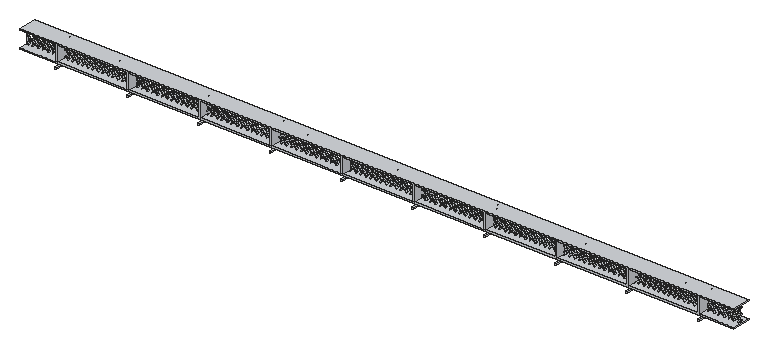
Revit family "Nedsale_venti panlat_zonder kam_Generic Model_2015", category Generic Models, Revit 2015
Parameters
  kamlengte [instance] = 50 mm
  kam [instance] = yes
  gootlengte = 1000 mm
  URL = "www.w3d-tekenbureau.nl"
  Manufacturer = "Nedsale BV"
  Description = "Venti-panlat"
  Default Elevation = 0 mm
Reference planes
  plane 1 "Center (Front/Back)": y = 0
  plane 2: z = 0
  plane 3 "Center (Left/Right)": x = 0
  plane 4: y = -11.711
  plane 5: y = -13.711
Forms (mm)
  Extrusion 1, solid
    sketch origin (0, 0, 0) x (1, 0, 0) y (0, 0, 1)
      loop
        line (0, 7) -> (1000, 7) -> (1000, 32) -> (0, 32) -> (0, 7)
    from 11.711 to 13.711
  Extrusion 2, void
    sketch origin (-5.774, 0, 0) x (1, 0, 0) y (0, 0, 1)
      loop
        line (13.002, 31) -> (9.002, 31) -> (7.002, 27.536) -> (9.002, 24.072) -> (13.002, 24.072) -> (15.002, 27.536) -> (13.002, 31)
      loop
        line (13.002, 22.964) -> (9.002, 22.964) -> (7.002, 19.5) -> (9.002, 16.036) -> (13.002, 16.036) -> (15.002, 19.5) -> (13.002, 22.964)
      loop
        line (13.002, 14.928) -> (9.002, 14.928) -> (7.002, 11.464) -> (9.002, 8) -> (13.002, 8) -> (15.002, 11.464) -> (13.002, 14.928)
      loop
        line (19.961, 26.982) -> (15.961, 26.982) -> (13.961, 23.518) -> (15.961, 20.054) -> (19.961, 20.054) -> (21.961, 23.518) -> (19.961, 26.982)
      loop
        line (19.961, 18.946) -> (15.961, 18.946) -> (13.961, 15.482) -> (15.961, 12.018) -> (19.961, 12.018) -> (21.961, 15.482) -> (19.961, 18.946)
      loop
        line (19.961, 10.91) -> (15.961, 10.91) -> (14.281, 8) -> (21.641, 8) -> (19.961, 10.91)
      loop
        line (21.641, 31) -> (14.281, 31) -> (15.961, 28.09) -> (19.961, 28.09) -> (21.641, 31)
    from -34.103 to 250
  Extrusion 3, void
    sketch origin (8.144, 0, 0) x (1, 0, 0) y (0, 0, 1)
      loop
        line (13.002, 31) -> (9.002, 31) -> (7.002, 27.536) -> (9.002, 24.072) -> (13.002, 24.072) -> (15.002, 27.536) -> (13.002, 31)
      loop
        line (13.002, 22.964) -> (9.002, 22.964) -> (7.002, 19.5) -> (9.002, 16.036) -> (13.002, 16.036) -> (15.002, 19.5) -> (13.002, 22.964)
      loop
        line (13.002, 14.928) -> (9.002, 14.928) -> (7.002, 11.464) -> (9.002, 8) -> (13.002, 8) -> (15.002, 11.464) -> (13.002, 14.928)
      loop
        line (19.961, 26.982) -> (15.961, 26.982) -> (13.961, 23.518) -> (15.961, 20.054) -> (19.961, 20.054) -> (21.961, 23.518) -> (19.961, 26.982)
      loop
        line (19.961, 18.946) -> (15.961, 18.946) -> (13.961, 15.482) -> (15.961, 12.018) -> (19.961, 12.018) -> (21.961, 15.482) -> (19.961, 18.946)
      loop
        line (19.961, 10.91) -> (15.961, 10.91) -> (14.281, 8) -> (21.641, 8) -> (19.961, 10.91)
      loop
        line (21.641, 31) -> (14.281, 31) -> (15.961, 28.09) -> (19.961, 28.09) -> (21.641, 31)
    from -34.103 to 250
  Extrusion 4, void
    sketch origin (22.063, 0, 0) x (1, 0, 0) y (0, 0, 1)
      loop
        line (13.002, 31) -> (9.002, 31) -> (7.002, 27.536) -> (9.002, 24.072) -> (13.002, 24.072) -> (15.002, 27.536) -> (13.002, 31)
      loop
        line (13.002, 22.964) -> (9.002, 22.964) -> (7.002, 19.5) -> (9.002, 16.036) -> (13.002, 16.036) -> (15.002, 19.5) -> (13.002, 22.964)
      loop
        line (13.002, 14.928) -> (9.002, 14.928) -> (7.002, 11.464) -> (9.002, 8) -> (13.002, 8) -> (15.002, 11.464) -> (13.002, 14.928)
      loop
        line (19.961, 26.982) -> (15.961, 26.982) -> (13.961, 23.518) -> (15.961, 20.054) -> (19.961, 20.054) -> (21.961, 23.518) -> (19.961, 26.982)
      loop
        line (19.961, 18.946) -> (15.961, 18.946) -> (13.961, 15.482) -> (15.961, 12.018) -> (19.961, 12.018) -> (21.961, 15.482) -> (19.961, 18.946)
      loop
        line (19.961, 10.91) -> (15.961, 10.91) -> (14.281, 8) -> (21.641, 8) -> (19.961, 10.91)
      loop
        line (21.641, 31) -> (14.281, 31) -> (15.961, 28.09) -> (19.961, 28.09) -> (21.641, 31)
    from -34.103 to 250
  Extrusion 5, void
    sketch origin (35.982, 0, 0) x (1, 0, 0) y (0, 0, 1)
      loop
        line (13.002, 31) -> (9.002, 31) -> (7.002, 27.536) -> (9.002, 24.072) -> (13.002, 24.072) -> (15.002, 27.536) -> (13.002, 31)
      loop
        line (13.002, 22.964) -> (9.002, 22.964) -> (7.002, 19.5) -> (9.002, 16.036) -> (13.002, 16.036) -> (15.002, 19.5) -> (13.002, 22.964)
      loop
        line (13.002, 14.928) -> (9.002, 14.928) -> (7.002, 11.464) -> (9.002, 8) -> (13.002, 8) -> (15.002, 11.464) -> (13.002, 14.928)
      loop
        line (19.961, 26.982) -> (15.961, 26.982) -> (13.961, 23.518) -> (15.961, 20.054) -> (19.961, 20.054) -> (21.961, 23.518) -> (19.961, 26.982)
      loop
        line (19.961, 18.946) -> (15.961, 18.946) -> (13.961, 15.482) -> (15.961, 12.018) -> (19.961, 12.018) -> (21.961, 15.482) -> (19.961, 18.946)
      loop
        line (19.961, 10.91) -> (15.961, 10.91) -> (14.281, 8) -> (21.641, 8) -> (19.961, 10.91)
      loop
        line (21.641, 31) -> (14.281, 31) -> (15.961, 28.09) -> (19.961, 28.09) -> (21.641, 31)
    from -34.103 to 250
  Extrusion 6, void
    sketch origin (49.9, 0, 0) x (1, 0, 0) y (0, 0, 1)
      loop
        line (13.002, 31) -> (9.002, 31) -> (7.002, 27.536) -> (9.002, 24.072) -> (13.002, 24.072) -> (15.002, 27.536) -> (13.002, 31)
      loop
        line (13.002, 22.964) -> (9.002, 22.964) -> (7.002, 19.5) -> (9.002, 16.036) -> (13.002, 16.036) -> (15.002, 19.5) -> (13.002, 22.964)
      loop
        line (13.002, 14.928) -> (9.002, 14.928) -> (7.002, 11.464) -> (9.002, 8) -> (13.002, 8) -> (15.002, 11.464) -> (13.002, 14.928)
      loop
        line (19.961, 26.982) -> (15.961, 26.982) -> (13.961, 23.518) -> (15.961, 20.054) -> (19.961, 20.054) -> (21.961, 23.518) -> (19.961, 26.982)
      loop
        line (19.961, 18.946) -> (15.961, 18.946) -> (13.961, 15.482) -> (15.961, 12.018) -> (19.961, 12.018) -> (21.961, 15.482) -> (19.961, 18.946)
      loop
        line (19.961, 10.91) -> (15.961, 10.91) -> (14.281, 8) -> (21.641, 8) -> (19.961, 10.91)
      loop
        line (21.641, 31) -> (14.281, 31) -> (15.961, 28.09) -> (19.961, 28.09) -> (21.641, 31)
    from -34.103 to 250
  Extrusion 7, void
    sketch origin (63.819, 0, 0) x (1, 0, 0) y (0, 0, 1)
      loop
        line (13.002, 31) -> (9.002, 31) -> (7.002, 27.536) -> (9.002, 24.072) -> (13.002, 24.072) -> (15.002, 27.536) -> (13.002, 31)
      loop
        line (13.002, 22.964) -> (9.002, 22.964) -> (7.002, 19.5) -> (9.002, 16.036) -> (13.002, 16.036) -> (15.002, 19.5) -> (13.002, 22.964)
      loop
        line (13.002, 14.928) -> (9.002, 14.928) -> (7.002, 11.464) -> (9.002, 8) -> (13.002, 8) -> (15.002, 11.464) -> (13.002, 14.928)
      loop
        line (19.961, 26.982) -> (15.961, 26.982) -> (13.961, 23.518) -> (15.961, 20.054) -> (19.961, 20.054) -> (21.961, 23.518) -> (19.961, 26.982)
      loop
        line (19.961, 18.946) -> (15.961, 18.946) -> (13.961, 15.482) -> (15.961, 12.018) -> (19.961, 12.018) -> (21.961, 15.482) -> (19.961, 18.946)
      loop
        line (19.961, 10.91) -> (15.961, 10.91) -> (14.281, 8) -> (21.641, 8) -> (19.961, 10.91)
      loop
        line (21.641, 31) -> (14.281, 31) -> (15.961, 28.09) -> (19.961, 28.09) -> (21.641, 31)
    from -34.103 to 250
  Extrusion 8, void
    sketch origin (77.737, 0, 0) x (1, 0, 0) y (0, 0, 1)
      loop
        line (13.002, 31) -> (9.002, 31) -> (7.002, 27.536) -> (9.002, 24.072) -> (13.002, 24.072) -> (15.002, 27.536) -> (13.002, 31)
      loop
        line (13.002, 22.964) -> (9.002, 22.964) -> (7.002, 19.5) -> (9.002, 16.036) -> (13.002, 16.036) -> (15.002, 19.5) -> (13.002, 22.964)
      loop
        line (13.002, 14.928) -> (9.002, 14.928) -> (7.002, 11.464) -> (9.002, 8) -> (13.002, 8) -> (15.002, 11.464) -> (13.002, 14.928)
      loop
        line (19.961, 26.982) -> (15.961, 26.982) -> (13.961, 23.518) -> (15.961, 20.054) -> (19.961, 20.054) -> (21.961, 23.518) -> (19.961, 26.982)
      loop
        line (19.961, 18.946) -> (15.961, 18.946) -> (13.961, 15.482) -> (15.961, 12.018) -> (19.961, 12.018) -> (21.961, 15.482) -> (19.961, 18.946)
      loop
        line (19.961, 10.91) -> (15.961, 10.91) -> (14.281, 8) -> (21.641, 8) -> (19.961, 10.91)
      loop
        line (21.641, 31) -> (14.281, 31) -> (15.961, 28.09) -> (19.961, 28.09) -> (21.641, 31)
    from -34.103 to 250
  Extrusion 9, void
    sketch origin (91.656, 0, 0) x (1, 0, 0) y (0, 0, 1)
      loop
        line (13.002, 31) -> (9.002, 31) -> (7.002, 27.536) -> (9.002, 24.072) -> (13.002, 24.072) -> (15.002, 27.536) -> (13.002, 31)
      loop
        line (13.002, 22.964) -> (9.002, 22.964) -> (7.002, 19.5) -> (9.002, 16.036) -> (13.002, 16.036) -> (15.002, 19.5) -> (13.002, 22.964)
      loop
        line (13.002, 14.928) -> (9.002, 14.928) -> (7.002, 11.464) -> (9.002, 8) -> (13.002, 8) -> (15.002, 11.464) -> (13.002, 14.928)
      loop
        line (19.961, 26.982) -> (15.961, 26.982) -> (13.961, 23.518) -> (15.961, 20.054) -> (19.961, 20.054) -> (21.961, 23.518) -> (19.961, 26.982)
      loop
        line (19.961, 18.946) -> (15.961, 18.946) -> (13.961, 15.482) -> (15.961, 12.018) -> (19.961, 12.018) -> (21.961, 15.482) -> (19.961, 18.946)
      loop
        line (19.961, 10.91) -> (15.961, 10.91) -> (14.281, 8) -> (21.641, 8) -> (19.961, 10.91)
      loop
        line (21.641, 31) -> (14.281, 31) -> (15.961, 28.09) -> (19.961, 28.09) -> (21.641, 31)
    from -34.103 to 250
  Extrusion 10, void
    sketch origin (105.575, 0, 0) x (1, 0, 0) y (0, 0, 1)
      loop
        line (13.002, 31) -> (9.002, 31) -> (7.002, 27.536) -> (9.002, 24.072) -> (13.002, 24.072) -> (15.002, 27.536) -> (13.002, 31)
      loop
        line (13.002, 22.964) -> (9.002, 22.964) -> (7.002, 19.5) -> (9.002, 16.036) -> (13.002, 16.036) -> (15.002, 19.5) -> (13.002, 22.964)
      loop
        line (13.002, 14.928) -> (9.002, 14.928) -> (7.002, 11.464) -> (9.002, 8) -> (13.002, 8) -> (15.002, 11.464) -> (13.002, 14.928)
      loop
        line (19.961, 26.982) -> (15.961, 26.982) -> (13.961, 23.518) -> (15.961, 20.054) -> (19.961, 20.054) -> (21.961, 23.518) -> (19.961, 26.982)
      loop
        line (19.961, 18.946) -> (15.961, 18.946) -> (13.961, 15.482) -> (15.961, 12.018) -> (19.961, 12.018) -> (21.961, 15.482) -> (19.961, 18.946)
      loop
        line (19.961, 10.91) -> (15.961, 10.91) -> (14.281, 8) -> (21.641, 8) -> (19.961, 10.91)
      loop
        line (21.641, 31) -> (14.281, 31) -> (15.961, 28.09) -> (19.961, 28.09) -> (21.641, 31)
    from -34.103 to 250
  Extrusion 11, void
    sketch origin (119.493, 0, 0) x (1, 0, 0) y (0, 0, 1)
      loop
        line (13.002, 31) -> (9.002, 31) -> (7.002, 27.536) -> (9.002, 24.072) -> (13.002, 24.072) -> (15.002, 27.536) -> (13.002, 31)
      loop
        line (13.002, 22.964) -> (9.002, 22.964) -> (7.002, 19.5) -> (9.002, 16.036) -> (13.002, 16.036) -> (15.002, 19.5) -> (13.002, 22.964)
      loop
        line (13.002, 14.928) -> (9.002, 14.928) -> (7.002, 11.464) -> (9.002, 8) -> (13.002, 8) -> (15.002, 11.464) -> (13.002, 14.928)
      loop
        line (19.961, 26.982) -> (15.961, 26.982) -> (13.961, 23.518) -> (15.961, 20.054) -> (19.961, 20.054) -> (21.961, 23.518) -> (19.961, 26.982)
      loop
        line (19.961, 18.946) -> (15.961, 18.946) -> (13.961, 15.482) -> (15.961, 12.018) -> (19.961, 12.018) -> (21.961, 15.482) -> (19.961, 18.946)
      loop
        line (19.961, 10.91) -> (15.961, 10.91) -> (14.281, 8) -> (21.641, 8) -> (19.961, 10.91)
      loop
        line (21.641, 31) -> (14.281, 31) -> (15.961, 28.09) -> (19.961, 28.09) -> (21.641, 31)
    from -34.103 to 250
  Extrusion 12, void
    sketch origin (133.412, 0, 0) x (1, 0, 0) y (0, 0, 1)
      loop
        line (13.002, 31) -> (9.002, 31) -> (7.002, 27.536) -> (9.002, 24.072) -> (13.002, 24.072) -> (15.002, 27.536) -> (13.002, 31)
      loop
        line (13.002, 22.964) -> (9.002, 22.964) -> (7.002, 19.5) -> (9.002, 16.036) -> (13.002, 16.036) -> (15.002, 19.5) -> (13.002, 22.964)
      loop
        line (13.002, 14.928) -> (9.002, 14.928) -> (7.002, 11.464) -> (9.002, 8) -> (13.002, 8) -> (15.002, 11.464) -> (13.002, 14.928)
      loop
        line (19.961, 26.982) -> (15.961, 26.982) -> (13.961, 23.518) -> (15.961, 20.054) -> (19.961, 20.054) -> (21.961, 23.518) -> (19.961, 26.982)
      loop
        line (19.961, 18.946) -> (15.961, 18.946) -> (13.961, 15.482) -> (15.961, 12.018) -> (19.961, 12.018) -> (21.961, 15.482) -> (19.961, 18.946)
      loop
        line (19.961, 10.91) -> (15.961, 10.91) -> (14.281, 8) -> (21.641, 8) -> (19.961, 10.91)
      loop
        line (21.641, 31) -> (14.281, 31) -> (15.961, 28.09) -> (19.961, 28.09) -> (21.641, 31)
    from -34.103 to 250
  Extrusion 13, void
    sketch origin (147.33, 0, 0) x (1, 0, 0) y (0, 0, 1)
      loop
        line (13.002, 31) -> (9.002, 31) -> (7.002, 27.536) -> (9.002, 24.072) -> (13.002, 24.072) -> (15.002, 27.536) -> (13.002, 31)
      loop
        line (13.002, 22.964) -> (9.002, 22.964) -> (7.002, 19.5) -> (9.002, 16.036) -> (13.002, 16.036) -> (15.002, 19.5) -> (13.002, 22.964)
      loop
        line (13.002, 14.928) -> (9.002, 14.928) -> (7.002, 11.464) -> (9.002, 8) -> (13.002, 8) -> (15.002, 11.464) -> (13.002, 14.928)
      loop
        line (19.961, 26.982) -> (15.961, 26.982) -> (13.961, 23.518) -> (15.961, 20.054) -> (19.961, 20.054) -> (21.961, 23.518) -> (19.961, 26.982)
      loop
        line (19.961, 18.946) -> (15.961, 18.946) -> (13.961, 15.482) -> (15.961, 12.018) -> (19.961, 12.018) -> (21.961, 15.482) -> (19.961, 18.946)
      loop
        line (19.961, 10.91) -> (15.961, 10.91) -> (14.281, 8) -> (21.641, 8) -> (19.961, 10.91)
      loop
        line (21.641, 31) -> (14.281, 31) -> (15.961, 28.09) -> (19.961, 28.09) -> (21.641, 31)
    from -34.103 to 250
  Extrusion 14, void
    sketch origin (161.249, 0, 0) x (1, 0, 0) y (0, 0, 1)
      loop
        line (13.002, 31) -> (9.002, 31) -> (7.002, 27.536) -> (9.002, 24.072) -> (13.002, 24.072) -> (15.002, 27.536) -> (13.002, 31)
      loop
        line (13.002, 22.964) -> (9.002, 22.964) -> (7.002, 19.5) -> (9.002, 16.036) -> (13.002, 16.036) -> (15.002, 19.5) -> (13.002, 22.964)
      loop
        line (13.002, 14.928) -> (9.002, 14.928) -> (7.002, 11.464) -> (9.002, 8) -> (13.002, 8) -> (15.002, 11.464) -> (13.002, 14.928)
      loop
        line (19.961, 26.982) -> (15.961, 26.982) -> (13.961, 23.518) -> (15.961, 20.054) -> (19.961, 20.054) -> (21.961, 23.518) -> (19.961, 26.982)
      loop
        line (19.961, 18.946) -> (15.961, 18.946) -> (13.961, 15.482) -> (15.961, 12.018) -> (19.961, 12.018) -> (21.961, 15.482) -> (19.961, 18.946)
      loop
        line (19.961, 10.91) -> (15.961, 10.91) -> (14.281, 8) -> (21.641, 8) -> (19.961, 10.91)
      loop
        line (21.641, 31) -> (14.281, 31) -> (15.961, 28.09) -> (19.961, 28.09) -> (21.641, 31)
    from -34.103 to 250
  Extrusion 15, void
    sketch origin (175.167, 0, 0) x (1, 0, 0) y (0, 0, 1)
      loop
        line (13.002, 31) -> (9.002, 31) -> (7.002, 27.536) -> (9.002, 24.072) -> (13.002, 24.072) -> (15.002, 27.536) -> (13.002, 31)
      loop
        line (13.002, 22.964) -> (9.002, 22.964) -> (7.002, 19.5) -> (9.002, 16.036) -> (13.002, 16.036) -> (15.002, 19.5) -> (13.002, 22.964)
      loop
        line (13.002, 14.928) -> (9.002, 14.928) -> (7.002, 11.464) -> (9.002, 8) -> (13.002, 8) -> (15.002, 11.464) -> (13.002, 14.928)
      loop
        line (19.961, 26.982) -> (15.961, 26.982) -> (13.961, 23.518) -> (15.961, 20.054) -> (19.961, 20.054) -> (21.961, 23.518) -> (19.961, 26.982)
      loop
        line (19.961, 18.946) -> (15.961, 18.946) -> (13.961, 15.482) -> (15.961, 12.018) -> (19.961, 12.018) -> (21.961, 15.482) -> (19.961, 18.946)
      loop
        line (19.961, 10.91) -> (15.961, 10.91) -> (14.281, 8) -> (21.641, 8) -> (19.961, 10.91)
      loop
        line (21.641, 31) -> (14.281, 31) -> (15.961, 28.09) -> (19.961, 28.09) -> (21.641, 31)
    from -34.103 to 250
  Extrusion 16, void
    sketch origin (189.086, 0, 0) x (1, 0, 0) y (0, 0, 1)
      loop
        line (13.002, 31) -> (9.002, 31) -> (7.002, 27.536) -> (9.002, 24.072) -> (13.002, 24.072) -> (15.002, 27.536) -> (13.002, 31)
      loop
        line (13.002, 22.964) -> (9.002, 22.964) -> (7.002, 19.5) -> (9.002, 16.036) -> (13.002, 16.036) -> (15.002, 19.5) -> (13.002, 22.964)
      loop
        line (13.002, 14.928) -> (9.002, 14.928) -> (7.002, 11.464) -> (9.002, 8) -> (13.002, 8) -> (15.002, 11.464) -> (13.002, 14.928)
      loop
        line (19.961, 26.982) -> (15.961, 26.982) -> (13.961, 23.518) -> (15.961, 20.054) -> (19.961, 20.054) -> (21.961, 23.518) -> (19.961, 26.982)
      loop
        line (19.961, 18.946) -> (15.961, 18.946) -> (13.961, 15.482) -> (15.961, 12.018) -> (19.961, 12.018) -> (21.961, 15.482) -> (19.961, 18.946)
      loop
        line (19.961, 10.91) -> (15.961, 10.91) -> (14.281, 8) -> (21.641, 8) -> (19.961, 10.91)
      loop
        line (21.641, 31) -> (14.281, 31) -> (15.961, 28.09) -> (19.961, 28.09) -> (21.641, 31)
    from -34.103 to 250
  Extrusion 17, void
    sketch origin (203.005, 0, 0) x (1, 0, 0) y (0, 0, 1)
      loop
        line (13.002, 31) -> (9.002, 31) -> (7.002, 27.536) -> (9.002, 24.072) -> (13.002, 24.072) -> (15.002, 27.536) -> (13.002, 31)
      loop
        line (13.002, 22.964) -> (9.002, 22.964) -> (7.002, 19.5) -> (9.002, 16.036) -> (13.002, 16.036) -> (15.002, 19.5) -> (13.002, 22.964)
      loop
        line (13.002, 14.928) -> (9.002, 14.928) -> (7.002, 11.464) -> (9.002, 8) -> (13.002, 8) -> (15.002, 11.464) -> (13.002, 14.928)
      loop
        line (19.961, 26.982) -> (15.961, 26.982) -> (13.961, 23.518) -> (15.961, 20.054) -> (19.961, 20.054) -> (21.961, 23.518) -> (19.961, 26.982)
      loop
        line (19.961, 18.946) -> (15.961, 18.946) -> (13.961, 15.482) -> (15.961, 12.018) -> (19.961, 12.018) -> (21.961, 15.482) -> (19.961, 18.946)
      loop
        line (19.961, 10.91) -> (15.961, 10.91) -> (14.281, 8) -> (21.641, 8) -> (19.961, 10.91)
      loop
        line (21.641, 31) -> (14.281, 31) -> (15.961, 28.09) -> (19.961, 28.09) -> (21.641, 31)
    from -34.103 to 250
  Extrusion 18, void
    sketch origin (216.923, 0, 0) x (1, 0, 0) y (0, 0, 1)
      loop
        line (13.002, 31) -> (9.002, 31) -> (7.002, 27.536) -> (9.002, 24.072) -> (13.002, 24.072) -> (15.002, 27.536) -> (13.002, 31)
      loop
        line (13.002, 22.964) -> (9.002, 22.964) -> (7.002, 19.5) -> (9.002, 16.036) -> (13.002, 16.036) -> (15.002, 19.5) -> (13.002, 22.964)
      loop
        line (13.002, 14.928) -> (9.002, 14.928) -> (7.002, 11.464) -> (9.002, 8) -> (13.002, 8) -> (15.002, 11.464) -> (13.002, 14.928)
      loop
        line (19.961, 26.982) -> (15.961, 26.982) -> (13.961, 23.518) -> (15.961, 20.054) -> (19.961, 20.054) -> (21.961, 23.518) -> (19.961, 26.982)
      loop
        line (19.961, 18.946) -> (15.961, 18.946) -> (13.961, 15.482) -> (15.961, 12.018) -> (19.961, 12.018) -> (21.961, 15.482) -> (19.961, 18.946)
      loop
        line (19.961, 10.91) -> (15.961, 10.91) -> (14.281, 8) -> (21.641, 8) -> (19.961, 10.91)
      loop
        line (21.641, 31) -> (14.281, 31) -> (15.961, 28.09) -> (19.961, 28.09) -> (21.641, 31)
    from -34.103 to 250
  Extrusion 19, void
    sketch origin (230.842, 0, 0) x (1, 0, 0) y (0, 0, 1)
      loop
        line (13.002, 31) -> (9.002, 31) -> (7.002, 27.536) -> (9.002, 24.072) -> (13.002, 24.072) -> (15.002, 27.536) -> (13.002, 31)
      loop
        line (13.002, 22.964) -> (9.002, 22.964) -> (7.002, 19.5) -> (9.002, 16.036) -> (13.002, 16.036) -> (15.002, 19.5) -> (13.002, 22.964)
      loop
        line (13.002, 14.928) -> (9.002, 14.928) -> (7.002, 11.464) -> (9.002, 8) -> (13.002, 8) -> (15.002, 11.464) -> (13.002, 14.928)
      loop
        line (19.961, 26.982) -> (15.961, 26.982) -> (13.961, 23.518) -> (15.961, 20.054) -> (19.961, 20.054) -> (21.961, 23.518) -> (19.961, 26.982)
      loop
        line (19.961, 18.946) -> (15.961, 18.946) -> (13.961, 15.482) -> (15.961, 12.018) -> (19.961, 12.018) -> (21.961, 15.482) -> (19.961, 18.946)
      loop
        line (19.961, 10.91) -> (15.961, 10.91) -> (14.281, 8) -> (21.641, 8) -> (19.961, 10.91)
      loop
        line (21.641, 31) -> (14.281, 31) -> (15.961, 28.09) -> (19.961, 28.09) -> (21.641, 31)
    from -34.103 to 250
  Extrusion 20, void
    sketch origin (244.76, 0, 0) x (1, 0, 0) y (0, 0, 1)
      loop
        line (13.002, 31) -> (9.002, 31) -> (7.002, 27.536) -> (9.002, 24.072) -> (13.002, 24.072) -> (15.002, 27.536) -> (13.002, 31)
      loop
        line (13.002, 22.964) -> (9.002, 22.964) -> (7.002, 19.5) -> (9.002, 16.036) -> (13.002, 16.036) -> (15.002, 19.5) -> (13.002, 22.964)
      loop
        line (13.002, 14.928) -> (9.002, 14.928) -> (7.002, 11.464) -> (9.002, 8) -> (13.002, 8) -> (15.002, 11.464) -> (13.002, 14.928)
      loop
        line (19.961, 26.982) -> (15.961, 26.982) -> (13.961, 23.518) -> (15.961, 20.054) -> (19.961, 20.054) -> (21.961, 23.518) -> (19.961, 26.982)
      loop
        line (19.961, 18.946) -> (15.961, 18.946) -> (13.961, 15.482) -> (15.961, 12.018) -> (19.961, 12.018) -> (21.961, 15.482) -> (19.961, 18.946)
      loop
        line (19.961, 10.91) -> (15.961, 10.91) -> (14.281, 8) -> (21.641, 8) -> (19.961, 10.91)
      loop
        line (21.641, 31) -> (14.281, 31) -> (15.961, 28.09) -> (19.961, 28.09) -> (21.641, 31)
    from -34.103 to 250
  Extrusion 21, void
    sketch origin (258.679, 0, 0) x (1, 0, 0) y (0, 0, 1)
      loop
        line (13.002, 31) -> (9.002, 31) -> (7.002, 27.536) -> (9.002, 24.072) -> (13.002, 24.072) -> (15.002, 27.536) -> (13.002, 31)
      loop
        line (13.002, 22.964) -> (9.002, 22.964) -> (7.002, 19.5) -> (9.002, 16.036) -> (13.002, 16.036) -> (15.002, 19.5) -> (13.002, 22.964)
      loop
        line (13.002, 14.928) -> (9.002, 14.928) -> (7.002, 11.464) -> (9.002, 8) -> (13.002, 8) -> (15.002, 11.464) -> (13.002, 14.928)
      loop
        line (19.961, 26.982) -> (15.961, 26.982) -> (13.961, 23.518) -> (15.961, 20.054) -> (19.961, 20.054) -> (21.961, 23.518) -> (19.961, 26.982)
      loop
        line (19.961, 18.946) -> (15.961, 18.946) -> (13.961, 15.482) -> (15.961, 12.018) -> (19.961, 12.018) -> (21.961, 15.482) -> (19.961, 18.946)
      loop
        line (19.961, 10.91) -> (15.961, 10.91) -> (14.281, 8) -> (21.641, 8) -> (19.961, 10.91)
      loop
        line (21.641, 31) -> (14.281, 31) -> (15.961, 28.09) -> (19.961, 28.09) -> (21.641, 31)
    from -34.103 to 250
  Extrusion 22, void
    sketch origin (272.598, 0, 0) x (1, 0, 0) y (0, 0, 1)
      loop
        line (13.002, 31) -> (9.002, 31) -> (7.002, 27.536) -> (9.002, 24.072) -> (13.002, 24.072) -> (15.002, 27.536) -> (13.002, 31)
      loop
        line (13.002, 22.964) -> (9.002, 22.964) -> (7.002, 19.5) -> (9.002, 16.036) -> (13.002, 16.036) -> (15.002, 19.5) -> (13.002, 22.964)
      loop
        line (13.002, 14.928) -> (9.002, 14.928) -> (7.002, 11.464) -> (9.002, 8) -> (13.002, 8) -> (15.002, 11.464) -> (13.002, 14.928)
      loop
        line (19.961, 26.982) -> (15.961, 26.982) -> (13.961, 23.518) -> (15.961, 20.054) -> (19.961, 20.054) -> (21.961, 23.518) -> (19.961, 26.982)
      loop
        line (19.961, 18.946) -> (15.961, 18.946) -> (13.961, 15.482) -> (15.961, 12.018) -> (19.961, 12.018) -> (21.961, 15.482) -> (19.961, 18.946)
      loop
        line (19.961, 10.91) -> (15.961, 10.91) -> (14.281, 8) -> (21.641, 8) -> (19.961, 10.91)
      loop
        line (21.641, 31) -> (14.281, 31) -> (15.961, 28.09) -> (19.961, 28.09) -> (21.641, 31)
    from -34.103 to 250
  Extrusion 23, void
    sketch origin (286.516, 0, 0) x (1, 0, 0) y (0, 0, 1)
      loop
        line (13.002, 31) -> (9.002, 31) -> (7.002, 27.536) -> (9.002, 24.072) -> (13.002, 24.072) -> (15.002, 27.536) -> (13.002, 31)
      loop
        line (13.002, 22.964) -> (9.002, 22.964) -> (7.002, 19.5) -> (9.002, 16.036) -> (13.002, 16.036) -> (15.002, 19.5) -> (13.002, 22.964)
      loop
        line (13.002, 14.928) -> (9.002, 14.928) -> (7.002, 11.464) -> (9.002, 8) -> (13.002, 8) -> (15.002, 11.464) -> (13.002, 14.928)
      loop
        line (19.961, 26.982) -> (15.961, 26.982) -> (13.961, 23.518) -> (15.961, 20.054) -> (19.961, 20.054) -> (21.961, 23.518) -> (19.961, 26.982)
      loop
        line (19.961, 18.946) -> (15.961, 18.946) -> (13.961, 15.482) -> (15.961, 12.018) -> (19.961, 12.018) -> (21.961, 15.482) -> (19.961, 18.946)
      loop
        line (19.961, 10.91) -> (15.961, 10.91) -> (14.281, 8) -> (21.641, 8) -> (19.961, 10.91)
      loop
        line (21.641, 31) -> (14.281, 31) -> (15.961, 28.09) -> (19.961, 28.09) -> (21.641, 31)
    from -34.103 to 250
  Extrusion 24, void
    sketch origin (300.435, 0, 0) x (1, 0, 0) y (0, 0, 1)
      loop
        line (13.002, 31) -> (9.002, 31) -> (7.002, 27.536) -> (9.002, 24.072) -> (13.002, 24.072) -> (15.002, 27.536) -> (13.002, 31)
      loop
        line (13.002, 22.964) -> (9.002, 22.964) -> (7.002, 19.5) -> (9.002, 16.036) -> (13.002, 16.036) -> (15.002, 19.5) -> (13.002, 22.964)
      loop
        line (13.002, 14.928) -> (9.002, 14.928) -> (7.002, 11.464) -> (9.002, 8) -> (13.002, 8) -> (15.002, 11.464) -> (13.002, 14.928)
      loop
        line (19.961, 26.982) -> (15.961, 26.982) -> (13.961, 23.518) -> (15.961, 20.054) -> (19.961, 20.054) -> (21.961, 23.518) -> (19.961, 26.982)
      loop
        line (19.961, 18.946) -> (15.961, 18.946) -> (13.961, 15.482) -> (15.961, 12.018) -> (19.961, 12.018) -> (21.961, 15.482) -> (19.961, 18.946)
      loop
        line (19.961, 10.91) -> (15.961, 10.91) -> (14.281, 8) -> (21.641, 8) -> (19.961, 10.91)
      loop
        line (21.641, 31) -> (14.281, 31) -> (15.961, 28.09) -> (19.961, 28.09) -> (21.641, 31)
    from -34.103 to 250
  Extrusion 25, void
    sketch origin (314.353, 0, 0) x (1, 0, 0) y (0, 0, 1)
      loop
        line (13.002, 31) -> (9.002, 31) -> (7.002, 27.536) -> (9.002, 24.072) -> (13.002, 24.072) -> (15.002, 27.536) -> (13.002, 31)
      loop
        line (13.002, 22.964) -> (9.002, 22.964) -> (7.002, 19.5) -> (9.002, 16.036) -> (13.002, 16.036) -> (15.002, 19.5) -> (13.002, 22.964)
      loop
        line (13.002, 14.928) -> (9.002, 14.928) -> (7.002, 11.464) -> (9.002, 8) -> (13.002, 8) -> (15.002, 11.464) -> (13.002, 14.928)
      loop
        line (19.961, 26.982) -> (15.961, 26.982) -> (13.961, 23.518) -> (15.961, 20.054) -> (19.961, 20.054) -> (21.961, 23.518) -> (19.961, 26.982)
      loop
        line (19.961, 18.946) -> (15.961, 18.946) -> (13.961, 15.482) -> (15.961, 12.018) -> (19.961, 12.018) -> (21.961, 15.482) -> (19.961, 18.946)
      loop
        line (19.961, 10.91) -> (15.961, 10.91) -> (14.281, 8) -> (21.641, 8) -> (19.961, 10.91)
      loop
        line (21.641, 31) -> (14.281, 31) -> (15.961, 28.09) -> (19.961, 28.09) -> (21.641, 31)
    from -34.103 to 250
  Extrusion 26, void
    sketch origin (328.272, 0, 0) x (1, 0, 0) y (0, 0, 1)
      loop
        line (13.002, 31) -> (9.002, 31) -> (7.002, 27.536) -> (9.002, 24.072) -> (13.002, 24.072) -> (15.002, 27.536) -> (13.002, 31)
      loop
        line (13.002, 22.964) -> (9.002, 22.964) -> (7.002, 19.5) -> (9.002, 16.036) -> (13.002, 16.036) -> (15.002, 19.5) -> (13.002, 22.964)
      loop
        line (13.002, 14.928) -> (9.002, 14.928) -> (7.002, 11.464) -> (9.002, 8) -> (13.002, 8) -> (15.002, 11.464) -> (13.002, 14.928)
      loop
        line (19.961, 26.982) -> (15.961, 26.982) -> (13.961, 23.518) -> (15.961, 20.054) -> (19.961, 20.054) -> (21.961, 23.518) -> (19.961, 26.982)
      loop
        line (19.961, 18.946) -> (15.961, 18.946) -> (13.961, 15.482) -> (15.961, 12.018) -> (19.961, 12.018) -> (21.961, 15.482) -> (19.961, 18.946)
      loop
        line (19.961, 10.91) -> (15.961, 10.91) -> (14.281, 8) -> (21.641, 8) -> (19.961, 10.91)
      loop
        line (21.641, 31) -> (14.281, 31) -> (15.961, 28.09) -> (19.961, 28.09) -> (21.641, 31)
    from -34.103 to 250
  Extrusion 27, void
    sketch origin (342.19, 0, 0) x (1, 0, 0) y (0, 0, 1)
      loop
        line (13.002, 31) -> (9.002, 31) -> (7.002, 27.536) -> (9.002, 24.072) -> (13.002, 24.072) -> (15.002, 27.536) -> (13.002, 31)
      loop
        line (13.002, 22.964) -> (9.002, 22.964) -> (7.002, 19.5) -> (9.002, 16.036) -> (13.002, 16.036) -> (15.002, 19.5) -> (13.002, 22.964)
      loop
        line (13.002, 14.928) -> (9.002, 14.928) -> (7.002, 11.464) -> (9.002, 8) -> (13.002, 8) -> (15.002, 11.464) -> (13.002, 14.928)
      loop
        line (19.961, 26.982) -> (15.961, 26.982) -> (13.961, 23.518) -> (15.961, 20.054) -> (19.961, 20.054) -> (21.961, 23.518) -> (19.961, 26.982)
      loop
        line (19.961, 18.946) -> (15.961, 18.946) -> (13.961, 15.482) -> (15.961, 12.018) -> (19.961, 12.018) -> (21.961, 15.482) -> (19.961, 18.946)
      loop
        line (19.961, 10.91) -> (15.961, 10.91) -> (14.281, 8) -> (21.641, 8) -> (19.961, 10.91)
      loop
        line (21.641, 31) -> (14.281, 31) -> (15.961, 28.09) -> (19.961, 28.09) -> (21.641, 31)
    from -34.103 to 250
  Extrusion 28, void
    sketch origin (356.109, 0, 0) x (1, 0, 0) y (0, 0, 1)
      loop
        line (13.002, 31) -> (9.002, 31) -> (7.002, 27.536) -> (9.002, 24.072) -> (13.002, 24.072) -> (15.002, 27.536) -> (13.002, 31)
      loop
        line (13.002, 22.964) -> (9.002, 22.964) -> (7.002, 19.5) -> (9.002, 16.036) -> (13.002, 16.036) -> (15.002, 19.5) -> (13.002, 22.964)
      loop
        line (13.002, 14.928) -> (9.002, 14.928) -> (7.002, 11.464) -> (9.002, 8) -> (13.002, 8) -> (15.002, 11.464) -> (13.002, 14.928)
      loop
        line (19.961, 26.982) -> (15.961, 26.982) -> (13.961, 23.518) -> (15.961, 20.054) -> (19.961, 20.054) -> (21.961, 23.518) -> (19.961, 26.982)
      loop
        line (19.961, 18.946) -> (15.961, 18.946) -> (13.961, 15.482) -> (15.961, 12.018) -> (19.961, 12.018) -> (21.961, 15.482) -> (19.961, 18.946)
      loop
        line (19.961, 10.91) -> (15.961, 10.91) -> (14.281, 8) -> (21.641, 8) -> (19.961, 10.91)
      loop
        line (21.641, 31) -> (14.281, 31) -> (15.961, 28.09) -> (19.961, 28.09) -> (21.641, 31)
    from -34.103 to 250
  Extrusion 29, void
    sketch origin (370.028, 0, 0) x (1, 0, 0) y (0, 0, 1)
      loop
        line (13.002, 31) -> (9.002, 31) -> (7.002, 27.536) -> (9.002, 24.072) -> (13.002, 24.072) -> (15.002, 27.536) -> (13.002, 31)
      loop
        line (13.002, 22.964) -> (9.002, 22.964) -> (7.002, 19.5) -> (9.002, 16.036) -> (13.002, 16.036) -> (15.002, 19.5) -> (13.002, 22.964)
      loop
        line (13.002, 14.928) -> (9.002, 14.928) -> (7.002, 11.464) -> (9.002, 8) -> (13.002, 8) -> (15.002, 11.464) -> (13.002, 14.928)
      loop
        line (19.961, 26.982) -> (15.961, 26.982) -> (13.961, 23.518) -> (15.961, 20.054) -> (19.961, 20.054) -> (21.961, 23.518) -> (19.961, 26.982)
      loop
        line (19.961, 18.946) -> (15.961, 18.946) -> (13.961, 15.482) -> (15.961, 12.018) -> (19.961, 12.018) -> (21.961, 15.482) -> (19.961, 18.946)
      loop
        line (19.961, 10.91) -> (15.961, 10.91) -> (14.281, 8) -> (21.641, 8) -> (19.961, 10.91)
      loop
        line (21.641, 31) -> (14.281, 31) -> (15.961, 28.09) -> (19.961, 28.09) -> (21.641, 31)
    from -34.103 to 250
  Extrusion 30, void
    sketch origin (383.946, 0, 0) x (1, 0, 0) y (0, 0, 1)
      loop
        line (13.002, 31) -> (9.002, 31) -> (7.002, 27.536) -> (9.002, 24.072) -> (13.002, 24.072) -> (15.002, 27.536) -> (13.002, 31)
      loop
        line (13.002, 22.964) -> (9.002, 22.964) -> (7.002, 19.5) -> (9.002, 16.036) -> (13.002, 16.036) -> (15.002, 19.5) -> (13.002, 22.964)
      loop
        line (13.002, 14.928) -> (9.002, 14.928) -> (7.002, 11.464) -> (9.002, 8) -> (13.002, 8) -> (15.002, 11.464) -> (13.002, 14.928)
      loop
        line (19.961, 26.982) -> (15.961, 26.982) -> (13.961, 23.518) -> (15.961, 20.054) -> (19.961, 20.054) -> (21.961, 23.518) -> (19.961, 26.982)
      loop
        line (19.961, 18.946) -> (15.961, 18.946) -> (13.961, 15.482) -> (15.961, 12.018) -> (19.961, 12.018) -> (21.961, 15.482) -> (19.961, 18.946)
      loop
        line (19.961, 10.91) -> (15.961, 10.91) -> (14.281, 8) -> (21.641, 8) -> (19.961, 10.91)
      loop
        line (21.641, 31) -> (14.281, 31) -> (15.961, 28.09) -> (19.961, 28.09) -> (21.641, 31)
    from -34.103 to 250
  Extrusion 31, void
    sketch origin (397.865, 0, 0) x (1, 0, 0) y (0, 0, 1)
      loop
        line (13.002, 31) -> (9.002, 31) -> (7.002, 27.536) -> (9.002, 24.072) -> (13.002, 24.072) -> (15.002, 27.536) -> (13.002, 31)
      loop
        line (13.002, 22.964) -> (9.002, 22.964) -> (7.002, 19.5) -> (9.002, 16.036) -> (13.002, 16.036) -> (15.002, 19.5) -> (13.002, 22.964)
      loop
        line (13.002, 14.928) -> (9.002, 14.928) -> (7.002, 11.464) -> (9.002, 8) -> (13.002, 8) -> (15.002, 11.464) -> (13.002, 14.928)
      loop
        line (19.961, 26.982) -> (15.961, 26.982) -> (13.961, 23.518) -> (15.961, 20.054) -> (19.961, 20.054) -> (21.961, 23.518) -> (19.961, 26.982)
      loop
        line (19.961, 18.946) -> (15.961, 18.946) -> (13.961, 15.482) -> (15.961, 12.018) -> (19.961, 12.018) -> (21.961, 15.482) -> (19.961, 18.946)
      loop
        line (19.961, 10.91) -> (15.961, 10.91) -> (14.281, 8) -> (21.641, 8) -> (19.961, 10.91)
      loop
        line (21.641, 31) -> (14.281, 31) -> (15.961, 28.09) -> (19.961, 28.09) -> (21.641, 31)
    from -34.103 to 250
  Extrusion 32, void
    sketch origin (411.783, 0, 0) x (1, 0, 0) y (0, 0, 1)
      loop
        line (13.002, 31) -> (9.002, 31) -> (7.002, 27.536) -> (9.002, 24.072) -> (13.002, 24.072) -> (15.002, 27.536) -> (13.002, 31)
      loop
        line (13.002, 22.964) -> (9.002, 22.964) -> (7.002, 19.5) -> (9.002, 16.036) -> (13.002, 16.036) -> (15.002, 19.5) -> (13.002, 22.964)
      loop
        line (13.002, 14.928) -> (9.002, 14.928) -> (7.002, 11.464) -> (9.002, 8) -> (13.002, 8) -> (15.002, 11.464) -> (13.002, 14.928)
      loop
        line (19.961, 26.982) -> (15.961, 26.982) -> (13.961, 23.518) -> (15.961, 20.054) -> (19.961, 20.054) -> (21.961, 23.518) -> (19.961, 26.982)
      loop
        line (19.961, 18.946) -> (15.961, 18.946) -> (13.961, 15.482) -> (15.961, 12.018) -> (19.961, 12.018) -> (21.961, 15.482) -> (19.961, 18.946)
      loop
        line (19.961, 10.91) -> (15.961, 10.91) -> (14.281, 8) -> (21.641, 8) -> (19.961, 10.91)
      loop
        line (21.641, 31) -> (14.281, 31) -> (15.961, 28.09) -> (19.961, 28.09) -> (21.641, 31)
    from -34.103 to 250
  Extrusion 33, void
    sketch origin (425.702, 0, 0) x (1, 0, 0) y (0, 0, 1)
      loop
        line (13.002, 31) -> (9.002, 31) -> (7.002, 27.536) -> (9.002, 24.072) -> (13.002, 24.072) -> (15.002, 27.536) -> (13.002, 31)
      loop
        line (13.002, 22.964) -> (9.002, 22.964) -> (7.002, 19.5) -> (9.002, 16.036) -> (13.002, 16.036) -> (15.002, 19.5) -> (13.002, 22.964)
      loop
        line (13.002, 14.928) -> (9.002, 14.928) -> (7.002, 11.464) -> (9.002, 8) -> (13.002, 8) -> (15.002, 11.464) -> (13.002, 14.928)
      loop
        line (19.961, 26.982) -> (15.961, 26.982) -> (13.961, 23.518) -> (15.961, 20.054) -> (19.961, 20.054) -> (21.961, 23.518) -> (19.961, 26.982)
      loop
        line (19.961, 18.946) -> (15.961, 18.946) -> (13.961, 15.482) -> (15.961, 12.018) -> (19.961, 12.018) -> (21.961, 15.482) -> (19.961, 18.946)
      loop
        line (19.961, 10.91) -> (15.961, 10.91) -> (14.281, 8) -> (21.641, 8) -> (19.961, 10.91)
      loop
        line (21.641, 31) -> (14.281, 31) -> (15.961, 28.09) -> (19.961, 28.09) -> (21.641, 31)
    from -34.103 to 250
  Extrusion 34, void
    sketch origin (439.621, 0, 0) x (1, 0, 0) y (0, 0, 1)
      loop
        line (13.002, 31) -> (9.002, 31) -> (7.002, 27.536) -> (9.002, 24.072) -> (13.002, 24.072) -> (15.002, 27.536) -> (13.002, 31)
      loop
        line (13.002, 22.964) -> (9.002, 22.964) -> (7.002, 19.5) -> (9.002, 16.036) -> (13.002, 16.036) -> (15.002, 19.5) -> (13.002, 22.964)
      loop
        line (13.002, 14.928) -> (9.002, 14.928) -> (7.002, 11.464) -> (9.002, 8) -> (13.002, 8) -> (15.002, 11.464) -> (13.002, 14.928)
      loop
        line (19.961, 26.982) -> (15.961, 26.982) -> (13.961, 23.518) -> (15.961, 20.054) -> (19.961, 20.054) -> (21.961, 23.518) -> (19.961, 26.982)
      loop
        line (19.961, 18.946) -> (15.961, 18.946) -> (13.961, 15.482) -> (15.961, 12.018) -> (19.961, 12.018) -> (21.961, 15.482) -> (19.961, 18.946)
      loop
        line (19.961, 10.91) -> (15.961, 10.91) -> (14.281, 8) -> (21.641, 8) -> (19.961, 10.91)
      loop
        line (21.641, 31) -> (14.281, 31) -> (15.961, 28.09) -> (19.961, 28.09) -> (21.641, 31)
    from -34.103 to 250
  Extrusion 35, void
    sketch origin (453.539, 0, 0) x (1, 0, 0) y (0, 0, 1)
      loop
        line (13.002, 31) -> (9.002, 31) -> (7.002, 27.536) -> (9.002, 24.072) -> (13.002, 24.072) -> (15.002, 27.536) -> (13.002, 31)
      loop
        line (13.002, 22.964) -> (9.002, 22.964) -> (7.002, 19.5) -> (9.002, 16.036) -> (13.002, 16.036) -> (15.002, 19.5) -> (13.002, 22.964)
      loop
        line (13.002, 14.928) -> (9.002, 14.928) -> (7.002, 11.464) -> (9.002, 8) -> (13.002, 8) -> (15.002, 11.464) -> (13.002, 14.928)
      loop
        line (19.961, 26.982) -> (15.961, 26.982) -> (13.961, 23.518) -> (15.961, 20.054) -> (19.961, 20.054) -> (21.961, 23.518) -> (19.961, 26.982)
      loop
        line (19.961, 18.946) -> (15.961, 18.946) -> (13.961, 15.482) -> (15.961, 12.018) -> (19.961, 12.018) -> (21.961, 15.482) -> (19.961, 18.946)
      loop
        line (19.961, 10.91) -> (15.961, 10.91) -> (14.281, 8) -> (21.641, 8) -> (19.961, 10.91)
      loop
        line (21.641, 31) -> (14.281, 31) -> (15.961, 28.09) -> (19.961, 28.09) -> (21.641, 31)
    from -34.103 to 250
  Extrusion 36, void
    sketch origin (467.458, 0, 0) x (1, 0, 0) y (0, 0, 1)
      loop
        line (13.002, 31) -> (9.002, 31) -> (7.002, 27.536) -> (9.002, 24.072) -> (13.002, 24.072) -> (15.002, 27.536) -> (13.002, 31)
      loop
        line (13.002, 22.964) -> (9.002, 22.964) -> (7.002, 19.5) -> (9.002, 16.036) -> (13.002, 16.036) -> (15.002, 19.5) -> (13.002, 22.964)
      loop
        line (13.002, 14.928) -> (9.002, 14.928) -> (7.002, 11.464) -> (9.002, 8) -> (13.002, 8) -> (15.002, 11.464) -> (13.002, 14.928)
      loop
        line (19.961, 26.982) -> (15.961, 26.982) -> (13.961, 23.518) -> (15.961, 20.054) -> (19.961, 20.054) -> (21.961, 23.518) -> (19.961, 26.982)
      loop
        line (19.961, 18.946) -> (15.961, 18.946) -> (13.961, 15.482) -> (15.961, 12.018) -> (19.961, 12.018) -> (21.961, 15.482) -> (19.961, 18.946)
      loop
        line (19.961, 10.91) -> (15.961, 10.91) -> (14.281, 8) -> (21.641, 8) -> (19.961, 10.91)
      loop
        line (21.641, 31) -> (14.281, 31) -> (15.961, 28.09) -> (19.961, 28.09) -> (21.641, 31)
    from -34.103 to 250
  Extrusion 37, void
    sketch origin (481.376, 0, 0) x (1, 0, 0) y (0, 0, 1)
      loop
        line (13.002, 31) -> (9.002, 31) -> (7.002, 27.536) -> (9.002, 24.072) -> (13.002, 24.072) -> (15.002, 27.536) -> (13.002, 31)
      loop
        line (13.002, 22.964) -> (9.002, 22.964) -> (7.002, 19.5) -> (9.002, 16.036) -> (13.002, 16.036) -> (15.002, 19.5) -> (13.002, 22.964)
      loop
        line (13.002, 14.928) -> (9.002, 14.928) -> (7.002, 11.464) -> (9.002, 8) -> (13.002, 8) -> (15.002, 11.464) -> (13.002, 14.928)
      loop
        line (19.961, 26.982) -> (15.961, 26.982) -> (13.961, 23.518) -> (15.961, 20.054) -> (19.961, 20.054) -> (21.961, 23.518) -> (19.961, 26.982)
      loop
        line (19.961, 18.946) -> (15.961, 18.946) -> (13.961, 15.482) -> (15.961, 12.018) -> (19.961, 12.018) -> (21.961, 15.482) -> (19.961, 18.946)
      loop
        line (19.961, 10.91) -> (15.961, 10.91) -> (14.281, 8) -> (21.641, 8) -> (19.961, 10.91)
      loop
        line (21.641, 31) -> (14.281, 31) -> (15.961, 28.09) -> (19.961, 28.09) -> (21.641, 31)
    from -34.103 to 250
  Extrusion 38, void
    sketch origin (495.295, 0, 0) x (1, 0, 0) y (0, 0, 1)
      loop
        line (13.002, 31) -> (9.002, 31) -> (7.002, 27.536) -> (9.002, 24.072) -> (13.002, 24.072) -> (15.002, 27.536) -> (13.002, 31)
      loop
        line (13.002, 22.964) -> (9.002, 22.964) -> (7.002, 19.5) -> (9.002, 16.036) -> (13.002, 16.036) -> (15.002, 19.5) -> (13.002, 22.964)
      loop
        line (13.002, 14.928) -> (9.002, 14.928) -> (7.002, 11.464) -> (9.002, 8) -> (13.002, 8) -> (15.002, 11.464) -> (13.002, 14.928)
      loop
        line (19.961, 26.982) -> (15.961, 26.982) -> (13.961, 23.518) -> (15.961, 20.054) -> (19.961, 20.054) -> (21.961, 23.518) -> (19.961, 26.982)
      loop
        line (19.961, 18.946) -> (15.961, 18.946) -> (13.961, 15.482) -> (15.961, 12.018) -> (19.961, 12.018) -> (21.961, 15.482) -> (19.961, 18.946)
      loop
        line (19.961, 10.91) -> (15.961, 10.91) -> (14.281, 8) -> (21.641, 8) -> (19.961, 10.91)
      loop
        line (21.641, 31) -> (14.281, 31) -> (15.961, 28.09) -> (19.961, 28.09) -> (21.641, 31)
    from -34.103 to 250
  Extrusion 39, void
    sketch origin (509.214, 0, 0) x (1, 0, 0) y (0, 0, 1)
      loop
        line (13.002, 31) -> (9.002, 31) -> (7.002, 27.536) -> (9.002, 24.072) -> (13.002, 24.072) -> (15.002, 27.536) -> (13.002, 31)
      loop
        line (13.002, 22.964) -> (9.002, 22.964) -> (7.002, 19.5) -> (9.002, 16.036) -> (13.002, 16.036) -> (15.002, 19.5) -> (13.002, 22.964)
      loop
        line (13.002, 14.928) -> (9.002, 14.928) -> (7.002, 11.464) -> (9.002, 8) -> (13.002, 8) -> (15.002, 11.464) -> (13.002, 14.928)
      loop
        line (19.961, 26.982) -> (15.961, 26.982) -> (13.961, 23.518) -> (15.961, 20.054) -> (19.961, 20.054) -> (21.961, 23.518) -> (19.961, 26.982)
      loop
        line (19.961, 18.946) -> (15.961, 18.946) -> (13.961, 15.482) -> (15.961, 12.018) -> (19.961, 12.018) -> (21.961, 15.482) -> (19.961, 18.946)
      loop
        line (19.961, 10.91) -> (15.961, 10.91) -> (14.281, 8) -> (21.641, 8) -> (19.961, 10.91)
      loop
        line (21.641, 31) -> (14.281, 31) -> (15.961, 28.09) -> (19.961, 28.09) -> (21.641, 31)
    from -34.103 to 250
  Extrusion 40, void
    sketch origin (523.132, 0, 0) x (1, 0, 0) y (0, 0, 1)
      loop
        line (13.002, 31) -> (9.002, 31) -> (7.002, 27.536) -> (9.002, 24.072) -> (13.002, 24.072) -> (15.002, 27.536) -> (13.002, 31)
      loop
        line (13.002, 22.964) -> (9.002, 22.964) -> (7.002, 19.5) -> (9.002, 16.036) -> (13.002, 16.036) -> (15.002, 19.5) -> (13.002, 22.964)
      loop
        line (13.002, 14.928) -> (9.002, 14.928) -> (7.002, 11.464) -> (9.002, 8) -> (13.002, 8) -> (15.002, 11.464) -> (13.002, 14.928)
      loop
        line (19.961, 26.982) -> (15.961, 26.982) -> (13.961, 23.518) -> (15.961, 20.054) -> (19.961, 20.054) -> (21.961, 23.518) -> (19.961, 26.982)
      loop
        line (19.961, 18.946) -> (15.961, 18.946) -> (13.961, 15.482) -> (15.961, 12.018) -> (19.961, 12.018) -> (21.961, 15.482) -> (19.961, 18.946)
      loop
        line (19.961, 10.91) -> (15.961, 10.91) -> (14.281, 8) -> (21.641, 8) -> (19.961, 10.91)
      loop
        line (21.641, 31) -> (14.281, 31) -> (15.961, 28.09) -> (19.961, 28.09) -> (21.641, 31)
    from -34.103 to 250
  Extrusion 41, void
    sketch origin (537.051, 0, 0) x (1, 0, 0) y (0, 0, 1)
      loop
        line (13.002, 31) -> (9.002, 31) -> (7.002, 27.536) -> (9.002, 24.072) -> (13.002, 24.072) -> (15.002, 27.536) -> (13.002, 31)
      loop
        line (13.002, 22.964) -> (9.002, 22.964) -> (7.002, 19.5) -> (9.002, 16.036) -> (13.002, 16.036) -> (15.002, 19.5) -> (13.002, 22.964)
      loop
        line (13.002, 14.928) -> (9.002, 14.928) -> (7.002, 11.464) -> (9.002, 8) -> (13.002, 8) -> (15.002, 11.464) -> (13.002, 14.928)
      loop
        line (19.961, 26.982) -> (15.961, 26.982) -> (13.961, 23.518) -> (15.961, 20.054) -> (19.961, 20.054) -> (21.961, 23.518) -> (19.961, 26.982)
      loop
        line (19.961, 18.946) -> (15.961, 18.946) -> (13.961, 15.482) -> (15.961, 12.018) -> (19.961, 12.018) -> (21.961, 15.482) -> (19.961, 18.946)
      loop
        line (19.961, 10.91) -> (15.961, 10.91) -> (14.281, 8) -> (21.641, 8) -> (19.961, 10.91)
      loop
        line (21.641, 31) -> (14.281, 31) -> (15.961, 28.09) -> (19.961, 28.09) -> (21.641, 31)
    from -34.103 to 250
  Extrusion 42, void
    sketch origin (550.969, 0, 0) x (1, 0, 0) y (0, 0, 1)
      loop
        line (13.002, 31) -> (9.002, 31) -> (7.002, 27.536) -> (9.002, 24.072) -> (13.002, 24.072) -> (15.002, 27.536) -> (13.002, 31)
      loop
        line (13.002, 22.964) -> (9.002, 22.964) -> (7.002, 19.5) -> (9.002, 16.036) -> (13.002, 16.036) -> (15.002, 19.5) -> (13.002, 22.964)
      loop
        line (13.002, 14.928) -> (9.002, 14.928) -> (7.002, 11.464) -> (9.002, 8) -> (13.002, 8) -> (15.002, 11.464) -> (13.002, 14.928)
      loop
        line (19.961, 26.982) -> (15.961, 26.982) -> (13.961, 23.518) -> (15.961, 20.054) -> (19.961, 20.054) -> (21.961, 23.518) -> (19.961, 26.982)
      loop
        line (19.961, 18.946) -> (15.961, 18.946) -> (13.961, 15.482) -> (15.961, 12.018) -> (19.961, 12.018) -> (21.961, 15.482) -> (19.961, 18.946)
      loop
        line (19.961, 10.91) -> (15.961, 10.91) -> (14.281, 8) -> (21.641, 8) -> (19.961, 10.91)
      loop
        line (21.641, 31) -> (14.281, 31) -> (15.961, 28.09) -> (19.961, 28.09) -> (21.641, 31)
    from -34.103 to 250
  Extrusion 43, void
    sketch origin (564.888, 0, 0) x (1, 0, 0) y (0, 0, 1)
      loop
        line (13.002, 31) -> (9.002, 31) -> (7.002, 27.536) -> (9.002, 24.072) -> (13.002, 24.072) -> (15.002, 27.536) -> (13.002, 31)
      loop
        line (13.002, 22.964) -> (9.002, 22.964) -> (7.002, 19.5) -> (9.002, 16.036) -> (13.002, 16.036) -> (15.002, 19.5) -> (13.002, 22.964)
      loop
        line (13.002, 14.928) -> (9.002, 14.928) -> (7.002, 11.464) -> (9.002, 8) -> (13.002, 8) -> (15.002, 11.464) -> (13.002, 14.928)
      loop
        line (19.961, 26.982) -> (15.961, 26.982) -> (13.961, 23.518) -> (15.961, 20.054) -> (19.961, 20.054) -> (21.961, 23.518) -> (19.961, 26.982)
      loop
        line (19.961, 18.946) -> (15.961, 18.946) -> (13.961, 15.482) -> (15.961, 12.018) -> (19.961, 12.018) -> (21.961, 15.482) -> (19.961, 18.946)
      loop
        line (19.961, 10.91) -> (15.961, 10.91) -> (14.281, 8) -> (21.641, 8) -> (19.961, 10.91)
      loop
        line (21.641, 31) -> (14.281, 31) -> (15.961, 28.09) -> (19.961, 28.09) -> (21.641, 31)
    from -34.103 to 250
  Extrusion 44, void
    sketch origin (578.806, 0, 0) x (1, 0, 0) y (0, 0, 1)
      loop
        line (13.002, 31) -> (9.002, 31) -> (7.002, 27.536) -> (9.002, 24.072) -> (13.002, 24.072) -> (15.002, 27.536) -> (13.002, 31)
      loop
        line (13.002, 22.964) -> (9.002, 22.964) -> (7.002, 19.5) -> (9.002, 16.036) -> (13.002, 16.036) -> (15.002, 19.5) -> (13.002, 22.964)
      loop
        line (13.002, 14.928) -> (9.002, 14.928) -> (7.002, 11.464) -> (9.002, 8) -> (13.002, 8) -> (15.002, 11.464) -> (13.002, 14.928)
      loop
        line (19.961, 26.982) -> (15.961, 26.982) -> (13.961, 23.518) -> (15.961, 20.054) -> (19.961, 20.054) -> (21.961, 23.518) -> (19.961, 26.982)
      loop
        line (19.961, 18.946) -> (15.961, 18.946) -> (13.961, 15.482) -> (15.961, 12.018) -> (19.961, 12.018) -> (21.961, 15.482) -> (19.961, 18.946)
      loop
        line (19.961, 10.91) -> (15.961, 10.91) -> (14.281, 8) -> (21.641, 8) -> (19.961, 10.91)
      loop
        line (21.641, 31) -> (14.281, 31) -> (15.961, 28.09) -> (19.961, 28.09) -> (21.641, 31)
    from -34.103 to 250
  Extrusion 45, void
    sketch origin (592.725, 0, 0) x (1, 0, 0) y (0, 0, 1)
      loop
        line (13.002, 31) -> (9.002, 31) -> (7.002, 27.536) -> (9.002, 24.072) -> (13.002, 24.072) -> (15.002, 27.536) -> (13.002, 31)
      loop
        line (13.002, 22.964) -> (9.002, 22.964) -> (7.002, 19.5) -> (9.002, 16.036) -> (13.002, 16.036) -> (15.002, 19.5) -> (13.002, 22.964)
      loop
        line (13.002, 14.928) -> (9.002, 14.928) -> (7.002, 11.464) -> (9.002, 8) -> (13.002, 8) -> (15.002, 11.464) -> (13.002, 14.928)
      loop
        line (19.961, 26.982) -> (15.961, 26.982) -> (13.961, 23.518) -> (15.961, 20.054) -> (19.961, 20.054) -> (21.961, 23.518) -> (19.961, 26.982)
      loop
        line (19.961, 18.946) -> (15.961, 18.946) -> (13.961, 15.482) -> (15.961, 12.018) -> (19.961, 12.018) -> (21.961, 15.482) -> (19.961, 18.946)
      loop
        line (19.961, 10.91) -> (15.961, 10.91) -> (14.281, 8) -> (21.641, 8) -> (19.961, 10.91)
      loop
        line (21.641, 31) -> (14.281, 31) -> (15.961, 28.09) -> (19.961, 28.09) -> (21.641, 31)
    from -34.103 to 250
  Extrusion 46, void
    sketch origin (606.644, 0, 0) x (1, 0, 0) y (0, 0, 1)
      loop
        line (13.002, 31) -> (9.002, 31) -> (7.002, 27.536) -> (9.002, 24.072) -> (13.002, 24.072) -> (15.002, 27.536) -> (13.002, 31)
      loop
        line (13.002, 22.964) -> (9.002, 22.964) -> (7.002, 19.5) -> (9.002, 16.036) -> (13.002, 16.036) -> (15.002, 19.5) -> (13.002, 22.964)
      loop
        line (13.002, 14.928) -> (9.002, 14.928) -> (7.002, 11.464) -> (9.002, 8) -> (13.002, 8) -> (15.002, 11.464) -> (13.002, 14.928)
      loop
        line (19.961, 26.982) -> (15.961, 26.982) -> (13.961, 23.518) -> (15.961, 20.054) -> (19.961, 20.054) -> (21.961, 23.518) -> (19.961, 26.982)
      loop
        line (19.961, 18.946) -> (15.961, 18.946) -> (13.961, 15.482) -> (15.961, 12.018) -> (19.961, 12.018) -> (21.961, 15.482) -> (19.961, 18.946)
      loop
        line (19.961, 10.91) -> (15.961, 10.91) -> (14.281, 8) -> (21.641, 8) -> (19.961, 10.91)
      loop
        line (21.641, 31) -> (14.281, 31) -> (15.961, 28.09) -> (19.961, 28.09) -> (21.641, 31)
    from -34.103 to 250
  Extrusion 47, void
    sketch origin (620.562, 0, 0) x (1, 0, 0) y (0, 0, 1)
      loop
        line (13.002, 31) -> (9.002, 31) -> (7.002, 27.536) -> (9.002, 24.072) -> (13.002, 24.072) -> (15.002, 27.536) -> (13.002, 31)
      loop
        line (13.002, 22.964) -> (9.002, 22.964) -> (7.002, 19.5) -> (9.002, 16.036) -> (13.002, 16.036) -> (15.002, 19.5) -> (13.002, 22.964)
      loop
        line (13.002, 14.928) -> (9.002, 14.928) -> (7.002, 11.464) -> (9.002, 8) -> (13.002, 8) -> (15.002, 11.464) -> (13.002, 14.928)
      loop
        line (19.961, 26.982) -> (15.961, 26.982) -> (13.961, 23.518) -> (15.961, 20.054) -> (19.961, 20.054) -> (21.961, 23.518) -> (19.961, 26.982)
      loop
        line (19.961, 18.946) -> (15.961, 18.946) -> (13.961, 15.482) -> (15.961, 12.018) -> (19.961, 12.018) -> (21.961, 15.482) -> (19.961, 18.946)
      loop
        line (19.961, 10.91) -> (15.961, 10.91) -> (14.281, 8) -> (21.641, 8) -> (19.961, 10.91)
      loop
        line (21.641, 31) -> (14.281, 31) -> (15.961, 28.09) -> (19.961, 28.09) -> (21.641, 31)
    from -34.103 to 250
  Extrusion 48, void
    sketch origin (634.481, 0, 0) x (1, 0, 0) y (0, 0, 1)
      loop
        line (13.002, 31) -> (9.002, 31) -> (7.002, 27.536) -> (9.002, 24.072) -> (13.002, 24.072) -> (15.002, 27.536) -> (13.002, 31)
      loop
        line (13.002, 22.964) -> (9.002, 22.964) -> (7.002, 19.5) -> (9.002, 16.036) -> (13.002, 16.036) -> (15.002, 19.5) -> (13.002, 22.964)
      loop
        line (13.002, 14.928) -> (9.002, 14.928) -> (7.002, 11.464) -> (9.002, 8) -> (13.002, 8) -> (15.002, 11.464) -> (13.002, 14.928)
      loop
        line (19.961, 26.982) -> (15.961, 26.982) -> (13.961, 23.518) -> (15.961, 20.054) -> (19.961, 20.054) -> (21.961, 23.518) -> (19.961, 26.982)
      loop
        line (19.961, 18.946) -> (15.961, 18.946) -> (13.961, 15.482) -> (15.961, 12.018) -> (19.961, 12.018) -> (21.961, 15.482) -> (19.961, 18.946)
      loop
        line (19.961, 10.91) -> (15.961, 10.91) -> (14.281, 8) -> (21.641, 8) -> (19.961, 10.91)
      loop
        line (21.641, 31) -> (14.281, 31) -> (15.961, 28.09) -> (19.961, 28.09) -> (21.641, 31)
    from -34.103 to 250
  Extrusion 49, void
    sketch origin (648.399, 0, 0) x (1, 0, 0) y (0, 0, 1)
      loop
        line (13.002, 31) -> (9.002, 31) -> (7.002, 27.536) -> (9.002, 24.072) -> (13.002, 24.072) -> (15.002, 27.536) -> (13.002, 31)
      loop
        line (13.002, 22.964) -> (9.002, 22.964) -> (7.002, 19.5) -> (9.002, 16.036) -> (13.002, 16.036) -> (15.002, 19.5) -> (13.002, 22.964)
      loop
        line (13.002, 14.928) -> (9.002, 14.928) -> (7.002, 11.464) -> (9.002, 8) -> (13.002, 8) -> (15.002, 11.464) -> (13.002, 14.928)
      loop
        line (19.961, 26.982) -> (15.961, 26.982) -> (13.961, 23.518) -> (15.961, 20.054) -> (19.961, 20.054) -> (21.961, 23.518) -> (19.961, 26.982)
      loop
        line (19.961, 18.946) -> (15.961, 18.946) -> (13.961, 15.482) -> (15.961, 12.018) -> (19.961, 12.018) -> (21.961, 15.482) -> (19.961, 18.946)
      loop
        line (19.961, 10.91) -> (15.961, 10.91) -> (14.281, 8) -> (21.641, 8) -> (19.961, 10.91)
      loop
        line (21.641, 31) -> (14.281, 31) -> (15.961, 28.09) -> (19.961, 28.09) -> (21.641, 31)
    from -34.103 to 250
  Extrusion 50, void
    sketch origin (662.318, 0, 0) x (1, 0, 0) y (0, 0, 1)
      loop
        line (13.002, 31) -> (9.002, 31) -> (7.002, 27.536) -> (9.002, 24.072) -> (13.002, 24.072) -> (15.002, 27.536) -> (13.002, 31)
      loop
        line (13.002, 22.964) -> (9.002, 22.964) -> (7.002, 19.5) -> (9.002, 16.036) -> (13.002, 16.036) -> (15.002, 19.5) -> (13.002, 22.964)
      loop
        line (13.002, 14.928) -> (9.002, 14.928) -> (7.002, 11.464) -> (9.002, 8) -> (13.002, 8) -> (15.002, 11.464) -> (13.002, 14.928)
      loop
        line (19.961, 26.982) -> (15.961, 26.982) -> (13.961, 23.518) -> (15.961, 20.054) -> (19.961, 20.054) -> (21.961, 23.518) -> (19.961, 26.982)
      loop
        line (19.961, 18.946) -> (15.961, 18.946) -> (13.961, 15.482) -> (15.961, 12.018) -> (19.961, 12.018) -> (21.961, 15.482) -> (19.961, 18.946)
      loop
        line (19.961, 10.91) -> (15.961, 10.91) -> (14.281, 8) -> (21.641, 8) -> (19.961, 10.91)
      loop
        line (21.641, 31) -> (14.281, 31) -> (15.961, 28.09) -> (19.961, 28.09) -> (21.641, 31)
    from -34.103 to 250
  Extrusion 51, void
    sketch origin (676.237, 0, 0) x (1, 0, 0) y (0, 0, 1)
      loop
        line (13.002, 31) -> (9.002, 31) -> (7.002, 27.536) -> (9.002, 24.072) -> (13.002, 24.072) -> (15.002, 27.536) -> (13.002, 31)
      loop
        line (13.002, 22.964) -> (9.002, 22.964) -> (7.002, 19.5) -> (9.002, 16.036) -> (13.002, 16.036) -> (15.002, 19.5) -> (13.002, 22.964)
